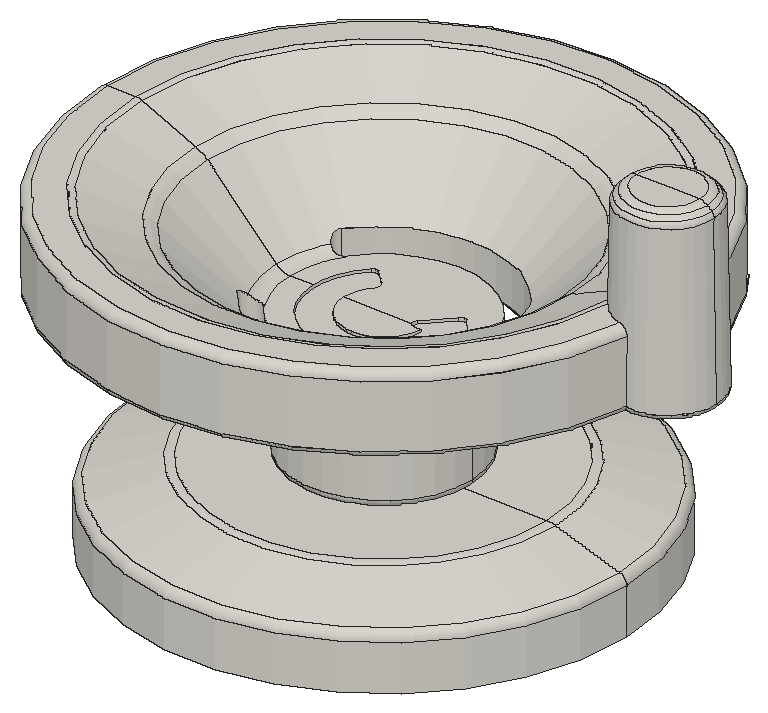
Revit family "Faucet-Deck_Mount-Handle-KALLISTA-Vice-P34892_1", category Plumbing Fixtures, host Face, Revit 2021
Family settings
  Host = Face
  Round Connector Dimension = Use Diameter
  Part Type = Normal
  OmniClass Number = 23.31.11.00
  OmniClass Title = Faucets
  Cut with Voids When Loaded = No
  Shared = No
  Room Calculation Point = No
Parameters (values of type "SN-Polished Nickel")
  Width = 2.95276"  # constant formula
  WaterSense Certified = 1 = 0  # no
  Waste Water Outlet = "Waste Water Outlet"  # constant formula
  Waste Connection = 1 = 0  # no
  Vent Connection = 1 = 0  # no
  URL = "https://www.kallista.com/"
  Type = 4
  Product Page URL = ""
  Product Name = "Vice"  # constant formula
  Product Documentation Link = ""
  Pressure = 0.00 psi
  Model = if(Type = 1, "P34892-00-AF", if(Type = 2, "P34892-00-BGP", if(Type = 3, "P34892-00-CP", if(Type = 4, "P34892-00-SN", "NA"))))  # "P34892-00-SN"
  Material = "Premium Metal Construction"  # constant formula
  Master Format 2014 Name = "Residential Faucets, Supplies, and Trim"  # constant formula
  Master Format 2014 = "22 41 39"  # constant formula
  Manufacturer Address = "444 Highland Dr, Kohler, WI 53044"  # constant formula
  Manufacturer = "Kallista Co."  # constant formula
  Length = 2.95276"  # constant formula
  Hot Water Inlet = "Hot Water Inlet"  # constant formula
  Height = 2.16535"  # constant formula
  Handle Clearance = 3.20079"  # constant formula
  HW Connection = 1 = 0  # no
  Flow Rate = 0 GPM
  Finish = Kallista-Metal-SN-Polished_Nickel
  Environmental Product Declaration = ""
  Drain Included = 1 = 0  # no
  Description = "Deck Mount Bath Faucet Diverter Handle, Wheel"  # constant formula
  Default Elevation = 36"
  Declare Label = ""
  Date Modified = "04/26/2024"  # constant formula
  Date Created = "04/26/2024"  # constant formula
  Copyright = "Copyright Kallista Co."  # constant formula
  Contact Us = "https://www.kallista.com/corporate/contact-us/"
  Cold Water Inlet = "Cold Water Inlet"  # constant formula
  CW Connection = 1 = 1  # yes
  Assembly Code = "D2010"
  ADA Compliant = 1 = 0  # no
Types (5): name | Type | Model | Finish
  (no name) | 4 | "P34892-00-SN" | Kallista-Metal-SN-Polished_Nickel
  AF-French Gold | 1 | "P34892-00-AF" | Kallista-Metal-AF-French_Gold
  BGP | 2 | "P34892-00-BGP" | Kallista-Metal-BGP
  CP-Chrome | 3 | "P34892-00-CP" | Kallista-Metal-CP-Chrome
  SN-Polished Nickel | 4 | "P34892-00-SN" | Kallista-Metal-SN-Polished_Nickel
Reference planes (in)
  plane 1 "Center (Front/Back)": y = 0
  plane 2: z = 0
  plane 3 "Center (Left/Right)": x = 0
  plane 4: x = -1.47638
  plane 5: x = 1.47638
  plane 6: x = -1.25984
  plane 7: x = 1.25984
  plane 8: y = 1.25984
  plane 9: y = -1.25984
  plane 10: z = 2.16535
  plane 11: z = 1.61417
  plane 12: z = 1.22047
  plane 13: z = 0.39405
  plane 14: y = 1.47638
  plane 15: x = 1.72441
  plane 16: y = -1.47638
Dimensions and locks (in)
  "Height": level to plane 10
  level to plane 12 = 1.22047"
  plane 11 to plane 12 = 0.3937"
  plane 10 to plane 12 = 0.94488"
  plane 4 to plane 5 = 2.95276"
  plane 6 to plane 7 = 2.51969"
  "Width": plane 4 to plane 5
  "Length": plane 16 to plane 14
  "Handle Clearance": plane 4 to plane 15
  plane 10 to level = 2.16535"
  plane 12 to plane 11 = 0.3937"
  plane 8 to plane 9 = 2.51969"
  aligned and locked: plane 2 to host face
  aligned and locked: level to host face
Automatic sketch dimensions
  host sketch curve to host sketch curve = 96"  (x2)
Nested families (in)
  nested 1: "P34892" at (0, 0, 0) x (-1, 0, 0) z (0, 0, 1), type "P34892"
Connectors (in)
  piping at (0, 0, 0), diameter 0.5, driven by "CW Connection", driven by "Cold Water Inlet"
    settings: on nested 1, index 1, connector inside diameter 24", connector length 0", flow factor 0, pipe flow 0 GPM, pressure drop 0.00 psi, fitting loss kfactor 0, connector angle 0.00°, fixture units 0, engagement length 0", angle of deflection 0.00°, flow configuration 0, flow direction 1, fitting loss method 0, system type 20, joint type 0, gender type 0, connector reference index -1, connector utility 1, adjustable connector no, is connector primary yes, connector description "Cold Water Inlet"
Definition of nested family "P34892"
  Parameters
    Material = none
    Default Elevation = 0"
  Reference planes (in)
    plane 1 "Center (Front/Back)": y = 0
    plane 2: z = 0
    plane 3 "Center (Left/Right)": x = 0
    plane 4: x = 1.47638
    plane 5: x = -1.47638
    plane 6: y = 1.47638
    plane 7: y = -1.47638
    plane 8: y = -1.25984
    plane 9: y = 1.25984
    plane 10: x = 1.25984
    plane 11: x = -1.25984
    plane 12: x = -1.72441
    plane 13: z = 1.22047
    plane 14: z = 1.61417
    plane 15: z = 2.16535
    plane 16: z = 0.39405
  Forms (in)
    Revolve 1, solid, material <- "Material", detail levels medium+fine
      sketch origin (0, 0, 0) x (1, 0, 0) y (0, 0, 1)
        loop
          line (0, 0.39405) -> (-0.84758, 0.39405)
          arc (-0.84758, 0.39405) -> (-0.86964, 0.39241) -> (-0.89121, 0.38753) r 0.14921
          line (-0.89121, 0.38753) -> (-1.22365, 0.28589)
          arc (-1.22365, 0.28589) -> (-1.24981, 0.2674) -> (-1.25984, 0.23698) r 0.05115
          line (-1.25984, 0.23698) -> (-1.25984, 0) -> (0, 0) -> (0, 0.39405)
        axis (0, 0) -> (0, 0.39405)
      angle from 0 to 360
    Revolve 2, solid, material <- "Material", detail levels medium+fine
      sketch origin (0, 0, 0) x (1, 0, 0) y (0, 0, 1)
        loop
          line (0, 0.41399) -> (0.42554, 0.41399)
          arc (0.42554, 0.41399) -> (0.44945, 0.42374) -> (0.45972, 0.44743) r 0.03419
          line (0.45972, 0.44743) -> (0.467, 0.77838)
          arc (0.467, 0.77838) -> (0.50246, 0.86985) -> (0.5883, 0.91733) r 0.14388
          arc (0.5883, 0.91733) -> (0.60774, 0.92365) -> (0.62429, 0.93567) r 0.06539
          line (0.62429, 0.93567) -> (1.0492, 1.36059)
          arc (1.0492, 1.36059) -> (1.07285, 1.37991) -> (1.09987, 1.39413) r 0.15239
          line (1.09987, 1.39413) -> (1.22823, 1.44599)
          arc (1.22823, 1.44599) -> (1.28122, 1.44091) -> (1.3075, 1.39463) r 0.05769
          line (1.3075, 1.39463) -> (1.31317, 1.24158)
          arc (1.31317, 1.24158) -> (1.31955, 1.22731) -> (1.33405, 1.22146) r 0.02089
          line (1.33405, 1.22146) -> (1.45331, 1.22146)
          arc (1.45331, 1.22146) -> (1.46962, 1.22821) -> (1.47638, 1.24453) r 0.02307
          line (1.47638, 1.24453) -> (1.47638, 1.57021)
          arc (1.47638, 1.57021) -> (1.46321, 1.60199) -> (1.43143, 1.61516) r 0.04495
          line (1.43143, 1.61516) -> (1.28428, 1.61516)
          arc (1.28428, 1.61516) -> (1.26858, 1.61358) -> (1.25351, 1.6089) r 0.07874
          line (1.25351, 1.6089) -> (0.97723, 1.49163)
          arc (0.97723, 1.49163) -> (0.94407, 1.47362) -> (0.91495, 1.44962) r 0.19685
          line (0.91495, 1.44962) -> (0.55936, 1.09403)
          arc (0.55936, 1.09403) -> (0.52639, 1.07199) -> (0.48749, 1.06426) r 0.10164
          line (0.48749, 1.06426) -> (0, 1.06426) -> (0, 0.41399)
        axis (0, 0.41399) -> (0, 1.61516)
      angle from 0 to 360
    Extrusion 3, void
      sketch origin (0, 0.01845, 0) x (1, 0, 0) y (0, 1, 0)
        loop
          arc (-0.49427, 0.3193) -> (-0.48114, 0.24144) -> (-0.40332, 0.25479) r 0.05575
          arc (-0.40332, 0.25479) -> (-0.00073, 0.46358) -> (0.40186, 0.25479) r 0.49255
          arc (0.40186, 0.25479) -> (0.47969, 0.24144) -> (0.49282, 0.3193) r 0.05575
          arc (0.49282, 0.3193) -> (-0.00073, 0.57344) -> (-0.49427, 0.3193) r 0.60631
        loop
          arc (-0.49427, -0.35621) -> (-0.00073, -0.61035) -> (0.49282, -0.35621) r 0.60631
          arc (0.49282, -0.35621) -> (0.47969, -0.27835) -> (0.40186, -0.2917) r 0.05575
          arc (0.40186, -0.2917) -> (-0.00073, -0.50048) -> (-0.40332, -0.2917) r 0.49255
          arc (-0.40332, -0.2917) -> (-0.48114, -0.27835) -> (-0.49427, -0.35621) r 0.05575
      from 0.76778 to 1.23979
    Extrusion 4, void
      sketch origin (0, 0, 0) x (1, 0, 0) y (0, 1, 0)
        loop
          line (-0.41604, -0.03209) -> (-0.30937, -0.1548)
          arc (-0.30937, -0.1548) -> (-0.28524, -0.1658) -> (-0.26111, -0.1548) r 0.03197
          line (-0.26111, -0.1548) -> (-0.151, -0.02814)
          arc (-0.151, -0.02814) -> (-0.14681, 0.00077) -> (-0.17138, 0.01657) r 0.027
          line (-0.17138, 0.01657) -> (-0.20402, 0.01657)
          arc (-0.20402, 0.01657) -> (0.08143, 0.1878) -> (0.15154, -0.1376) r 0.20469
          arc (0.15154, -0.1376) -> (0.14425, -0.15719) -> (0.15248, -0.17642) r 0.02814
          line (0.15248, -0.17642) -> (0.22558, -0.24952)
          arc (0.22558, -0.24952) -> (0.24501, -0.25739) -> (0.26419, -0.24894) r 0.0269
          arc (0.26419, -0.24894) -> (0.14159, 0.33425) -> (-0.36262, 0.01657) r 0.363
          line (-0.36262, 0.01657) -> (-0.39386, 0.01657)
          arc (-0.39386, 0.01657) -> (-0.4206, -0.00063) -> (-0.41604, -0.03209) r 0.02938
      from 1.05063 to 1.08818
    Revolve 5, solid, material <- "Material", detail levels medium+fine
      sketch origin (0, 0, -0.07382) x (1, 0, 0) y (0, 0, 1)
        loop
          line (-1.47638, 1.29528) -> (-1.47638, 2.24016) -> (-1.64087, 2.24016)
          arc (-1.64087, 2.24016) -> (-1.66159, 2.23604) -> (-1.67915, 2.2243) r 0.05414
          line (-1.67915, 2.2243) -> (-1.70115, 2.2023)
          arc (-1.70115, 2.2023) -> (-1.70979, 2.18949) -> (-1.713, 2.17438) r 0.0405
          line (-1.713, 2.17438) -> (-1.72794, 1.31875)
          arc (-1.72794, 1.31875) -> (-1.72132, 1.30218) -> (-1.70487, 1.29528) r 0.02307
          line (-1.70487, 1.29528) -> (-1.47638, 1.29528)
        axis (-1.47638, 1.29528) -> (-1.47638, 2.24016)
      angle from 0 to 360
    Revolve 6, solid, material <- "Material", detail levels coarse
      sketch origin (0, 0, 0) x (1, 0, 0) y (0, 0, 1)
        loop
          line (-1.47638, 1.22157) -> (-1.47638, 2.16747) -> (-1.72441, 2.16747) -> (-1.72441, 1.22157) -> (-1.47638, 1.22157)
        axis (-1.47638, 1.22157) -> (-1.47638, 2.16747)
      angle from 0 to 360
    Extrusion 7, solid, material <- "Material", detail levels medium+fine
      sketch origin (0, 0, 0) x (1, 0, 0) y (0, 1, 0)
        loop
          circle (0, 0) r 0.11811
      from 0 to 0.06819
    Revolve 8, solid
      sketch origin (0, 0, 0) x (1, 0, 0) y (0, 0, 1)
        loop
          line (0.00608, 0.41954) -> (-0.27097, 0.41954) -> (-0.27097, 0.38759) -> (0.00608, 0.38759) -> (0.00608, 0.41954)
        axis (0.00608, 0.38759) -> (0.00608, 0.42696)
      angle from 0 to 360
    Revolve 9, solid, material <- "Material", detail levels coarse
      sketch origin (0, 0, 0) x (1, 0, 0) y (0, 0, 1)
        loop
          line (0, 0.41399) -> (0.45899, 0.41399) -> (0.467, 0.77838)
          arc (0.467, 0.77838) -> (0.50246, 0.86985) -> (0.5883, 0.91733) r 0.14388
          arc (0.5883, 0.91733) -> (0.60774, 0.92365) -> (0.62429, 0.93567) r 0.06539
          line (0.62429, 0.93567) -> (1.0492, 1.36059)
          arc (1.0492, 1.36059) -> (1.07285, 1.37991) -> (1.09987, 1.39413) r 0.15239
          line (1.09987, 1.39413) -> (1.22823, 1.44599)
          arc (1.22823, 1.44599) -> (1.28122, 1.44091) -> (1.3075, 1.39463) r 0.05769
          line (1.3075, 1.39463) -> (1.31391, 1.22146) -> (1.47638, 1.22146) -> (1.47638, 1.61516) -> (1.33629, 1.61516) -> (0.94201, 1.47667) -> (0.52959, 1.06426) -> (0, 1.06426) -> (0, 0.41399)
        axis (0, 0.41399) -> (0, 1.61516)
      angle from 0 to 360
    Revolve 10, solid, material <- "Material", detail levels coarse
      sketch origin (0, 0, 0) x (1, 0, 0) y (0, 0, 1)
        loop
          line (0, 0.39405) -> (-0.86988, 0.39405) -> (-1.25984, 0.27482) -> (-1.25984, 0) -> (0, 0) -> (0, 0.39405)
        axis (0, 0) -> (0, 0.39405)
      angle from 0 to 360
  Cuts and joins
    Extrusion 3, Extrusion 4 cuts Revolve 2
    joined: Revolve 2, Revolve 5
    Extrusion 3 cuts Revolve 9
  Lines and regions (in)
    Masking region 1
      outline origin (0, 0, 0) x (1, 0, 0) y (0, 1, 0)
        loop
          arc (-0.01575, 1.47638) -> (-0.94557, 1.14119) -> (-1.44767, 0.28982) r 1.45729
          arc (-1.44767, 0.28982) -> (-1.45797, 0.26759) -> (-1.47757, 0.25291) r 0.05009
          arc (-1.47757, 0.25291) -> (-1.55683, 0.23422) -> (-1.62912, 0.19675) r 0.33095
          arc (-1.62912, 0.19675) -> (-1.69913, 0.11802) -> (-1.72441, 0.01575) r 0.21954
          line (-1.72441, 0.01575) -> (-1.72441, -0.01575)
          arc (-1.72441, -0.01575) -> (-1.69913, -0.11802) -> (-1.62912, -0.19675) r 0.21954
          arc (-1.62912, -0.19675) -> (-1.55683, -0.23422) -> (-1.47757, -0.25291) r 0.33095
          arc (-1.47757, -0.25291) -> (-1.45797, -0.26759) -> (-1.44767, -0.28982) r 0.05009
          arc (-1.44767, -0.28982) -> (-0.94557, -1.14119) -> (-0.01575, -1.47638) r 1.45729
          line (-0.01575, -1.47638) -> (0.01575, -1.47638)
          arc (0.01575, -1.47638) -> (1.04857, -1.04857) -> (1.47638, -0.01575) r 1.46063
          line (1.47638, -0.01575) -> (1.47638, 0.01575)
          arc (1.47638, 0.01575) -> (1.04857, 1.04857) -> (0.01575, 1.47638) r 1.46063
          line (0.01575, 1.47638) -> (-0.01575, 1.47638)
    Masking region 2
      outline origin (0, 0, 0) x (1, 0, 0) y (0, 0, 1)
        loop
          arc (-1.72441, 1.24409) -> (-1.71749, 1.22739) -> (-1.70079, 1.22047) r 0.02362
          line (-1.70079, 1.22047) -> (-0.90049, 1.22047) -> (-0.62434, 0.94432)
          arc (-0.62434, 0.94432) -> (-0.59076, 0.9242) -> (-0.55396, 0.9109) r 0.20331
          arc (-0.55396, 0.9109) -> (-0.52201, 0.89738) -> (-0.49547, 0.87504) r 0.11627
          arc (-0.49547, 0.87504) -> (-0.47435, 0.84024) -> (-0.46653, 0.80028) r 0.11627
          line (-0.46653, 0.80028) -> (-0.46035, 0.44603)
          arc (-0.46035, 0.44603) -> (-0.45061, 0.42335) -> (-0.42776, 0.414) r 0.0326
          line (-0.42776, 0.414) -> (-0.30435, 0.414) -> (-0.26979, 0.39405) -> (-0.83295, 0.39405)
          arc (-0.83295, 0.39405) -> (-0.86837, 0.39141) -> (-0.90301, 0.38358) r 0.23962
          line (-0.90301, 0.38358) -> (-1.2237, 0.28553)
          arc (-1.2237, 0.28553) -> (-1.24982, 0.26707) -> (-1.25984, 0.23669) r 0.05107
          line (-1.25984, 0.23669) -> (-1.25984, 0) -> (1.25984, 0) -> (1.25984, 0.23669)
          arc (1.25984, 0.23669) -> (1.24982, 0.26707) -> (1.2237, 0.28553) r 0.05107
          line (1.2237, 0.28553) -> (0.90301, 0.38358)
          arc (0.90301, 0.38358) -> (0.86837, 0.39141) -> (0.83295, 0.39405) r 0.23962
          line (0.83295, 0.39405) -> (0.26979, 0.39405) -> (0.30435, 0.414) -> (0.42775, 0.414)
          arc (0.42775, 0.414) -> (0.45061, 0.42335) -> (0.46036, 0.44604) r 0.03261
          line (0.46036, 0.44604) -> (0.46653, 0.80028)
          arc (0.46653, 0.80028) -> (0.47435, 0.84024) -> (0.49547, 0.87504) r 0.11627
          arc (0.49547, 0.87504) -> (0.52201, 0.89738) -> (0.55396, 0.9109) r 0.11627
          arc (0.55396, 0.9109) -> (0.59076, 0.9242) -> (0.62434, 0.94432) r 0.20331
          line (0.62434, 0.94432) -> (0.90049, 1.22047) -> (1.44954, 1.22047)
          arc (1.44954, 1.22047) -> (1.46852, 1.22833) -> (1.47638, 1.24732) r 0.02684
          line (1.47638, 1.24732) -> (1.47638, 1.34389) -> (1.47074, 1.57675)
          arc (1.47074, 1.57675) -> (1.45918, 1.60327) -> (1.43239, 1.61417) r 0.03836
          line (1.43239, 1.61417) -> (-1.23003, 1.61417) -> (-1.24164, 2.09944)
          arc (-1.24164, 2.09944) -> (-1.24523, 2.11592) -> (-1.25468, 2.12988) r 0.04456
          line (-1.25468, 2.12988) -> (-1.27862, 2.15382)
          arc (-1.27862, 2.15382) -> (-1.29139, 2.16236) -> (-1.30645, 2.16535) r 0.03937
          line (-1.30645, 2.16535) -> (-1.6463, 2.16535)
          arc (-1.6463, 2.16535) -> (-1.66137, 2.16236) -> (-1.67414, 2.15382) r 0.03937
          line (-1.67414, 2.15382) -> (-1.69808, 2.12988)
          arc (-1.69808, 2.12988) -> (-1.70753, 2.11592) -> (-1.71112, 2.09944) r 0.04456
          line (-1.71112, 2.09944) -> (-1.72441, 1.54377) -> (-1.72441, 1.24409)
    Masking region 3
      outline origin (0, 0, 0) x (0, 1, 0) y (0, 0, 1)
        loop
          line (1.25984, 0) -> (1.25984, 0.24719)
          arc (1.25984, 0.24719) -> (1.25253, 0.26937) -> (1.23345, 0.28285) r 0.03729
          line (1.23345, 0.28285) -> (0.89303, 0.38693)
          arc (0.89303, 0.38693) -> (0.86948, 0.39226) -> (0.84539, 0.39405) r 0.16296
          line (0.84539, 0.39405) -> (0.35473, 0.39405) -> (0.38699, 0.41267) -> (0.4253, 0.41267)
          arc (0.4253, 0.41267) -> (0.45, 0.4224) -> (0.46058, 0.44674) r 0.03468
          line (0.46058, 0.44674) -> (0.46658, 0.79049)
          arc (0.46658, 0.79049) -> (0.47084, 0.81992) -> (0.4823, 0.84736) r 0.11822
          arc (0.4823, 0.84736) -> (0.48829, 0.86187) -> (0.49033, 0.87744) r 0.06034
          line (0.49033, 0.87744) -> (0.49033, 0.93937) -> (0.61184, 0.93937)
          arc (0.61184, 0.93937) -> (0.62715, 0.94244) -> (0.64009, 0.95118) r 0.03971
          line (0.64009, 0.95118) -> (0.9061, 1.22047) -> (1.45669, 1.22047)
          arc (1.45669, 1.22047) -> (1.47061, 1.22624) -> (1.47638, 1.24016) r 0.01969
          line (1.47638, 1.24016) -> (1.47638, 1.30735) -> (1.46937, 1.57583)
          arc (1.46937, 1.57583) -> (1.45748, 1.603) -> (1.43001, 1.61417) r 0.03937
          line (1.43001, 1.61417) -> (0.27441, 1.61417)
          arc (0.27441, 1.61417) -> (0.2526, 1.62309) -> (0.2433, 1.64474) r 0.03111
          line (0.2433, 1.64474) -> (0.23536, 2.09946)
          arc (0.23536, 2.09946) -> (0.23212, 2.11472) -> (0.2234, 2.12765) r 0.04087
          line (0.2234, 2.12765) -> (0.1978, 2.15325)
          arc (0.1978, 2.15325) -> (0.18439, 2.16221) -> (0.16857, 2.16535) r 0.04133
          line (0.16857, 2.16535) -> (-0.16857, 2.16535)
          arc (-0.16857, 2.16535) -> (-0.18439, 2.16221) -> (-0.1978, 2.15325) r 0.04133
          line (-0.1978, 2.15325) -> (-0.2234, 2.12765)
          arc (-0.2234, 2.12765) -> (-0.23212, 2.11472) -> (-0.23536, 2.09946) r 0.04087
          line (-0.23536, 2.09946) -> (-0.2433, 1.64474)
          arc (-0.2433, 1.64474) -> (-0.2526, 1.62309) -> (-0.27441, 1.61417) r 0.03111
          line (-0.27441, 1.61417) -> (-1.43001, 1.61417)
          arc (-1.43001, 1.61417) -> (-1.45748, 1.603) -> (-1.46937, 1.57583) r 0.03937
          line (-1.46937, 1.57583) -> (-1.47638, 1.30735) -> (-1.47638, 1.24016)
          arc (-1.47638, 1.24016) -> (-1.47061, 1.22624) -> (-1.45669, 1.22047) r 0.01969
          line (-1.45669, 1.22047) -> (-0.9061, 1.22047) -> (-0.64009, 0.95118)
          arc (-0.64009, 0.95118) -> (-0.62715, 0.94244) -> (-0.61184, 0.93937) r 0.03971
          line (-0.61184, 0.93937) -> (-0.48946, 0.93937) -> (-0.48946, 0.87745)
          arc (-0.48946, 0.87745) -> (-0.48741, 0.86189) -> (-0.48143, 0.84737) r 0.06034
          arc (-0.48143, 0.84737) -> (-0.46996, 0.81994) -> (-0.46571, 0.79051) r 0.11822
          line (-0.46571, 0.79051) -> (-0.46058, 0.44674)
          arc (-0.46058, 0.44674) -> (-0.45, 0.4224) -> (-0.4253, 0.41267) r 0.03468
          line (-0.4253, 0.41267) -> (-0.38699, 0.41267) -> (-0.35473, 0.39405) -> (-0.84539, 0.39405)
          arc (-0.84539, 0.39405) -> (-0.86948, 0.39226) -> (-0.89303, 0.38693) r 0.16296
          line (-0.89303, 0.38693) -> (-1.23345, 0.28285)
          arc (-1.23345, 0.28285) -> (-1.25253, 0.26937) -> (-1.25984, 0.24719) r 0.03729
          line (-1.25984, 0.24719) -> (-1.25984, 0) -> (1.25984, 0)
    symbolic lines, detail levels medium+fine
      curve 1: circle (-1.47638, 0, 0) r 0.17374 normal (0, 0, 1)
      curve 2: circle (-1.47638, 0, 0) r 0.18766 normal (0, 0, 1)
      curve 3: circle (-1.47638, 0, 0) r 0.22583 normal (0, 0, 1)
      curve 4: circle (-1.47638, 0, 0) r 0.23319 normal (0, 0, 1)
      curve 5: arc (-1.2343, -0.13127, 0) -> (-1.20099, 0, 0) -> (-1.2343, 0.13127, 0) r 0.27538
      curve 6: arc (-1.2343, 0.13127, 0) -> (-1.23956, 0.14079, 0) -> (-1.24498, 0.15022, 0) r 0.65678
      curve 7: arc (-1.30865, 0.2405, 0) -> (-1.35069, 0.27483, 0) -> (-1.40238, 0.29137, 0) r 0.14553
      curve 8: arc (-1.2343, -0.13127, 0) -> (-1.23956, -0.14079, 0) -> (-1.24498, -0.15022, 0) r 0.65678
      curve 9: arc (-1.30865, -0.2405, 0) -> (-1.35069, -0.27483, 0) -> (-1.40238, -0.29137, 0) r 0.14553
      curve 10: circle (0, 0, 0) r 0.91336 normal (0, 0, 1)
      curve 11: circle (0, 0, 0) r 0.98425 normal (0, 0, 1)
      curve 12: arc (-1.28666, -0.21284, 0) -> (1.30415, 0, 0) -> (-1.28666, 0.21284, 0) r 1.30415
      curve 13: arc (-1.24498, -0.15022, 0) -> (1.25401, 0, 0) -> (-1.24498, 0.15022, 0) r 1.25401
      curve 14: arc (-1.40238, -0.29137, 0) -> (1.43233, 0, 0) -> (-1.40238, 0.29137, 0) r 1.43233
      curve 15: arc (-0.38995, 0.2648, 0) -> (-0.00117, 0.46883, 0) -> (0.38746, 0.26451, 0) r 0.47209
      curve 16: arc (-0.40178, 0.28023, 0) -> (-0.00154, 0.48833, 0) -> (0.39887, 0.28055, 0) r 0.48933
      curve 17: arc (-0.49104, 0.34257, 0) -> (-0.00118, 0.59925, 0) -> (0.48947, 0.34408, 0) r 0.59753
      curve 18: arc (-0.50157, 0.3408, 0) -> (-0.00098, 0.60753, 0) -> (0.49962, 0.34082, 0) r 0.60313
      curve 19: arc (-0.40178, 0.28023, 0) -> (-0.4775, 0.26689, 0) -> (-0.49104, 0.34257, 0) r 0.05444
      curve 20: arc (-0.38995, 0.2648, 0) -> (-0.40677, 0.24785, 0) -> (-0.42844, 0.23782, 0) r 0.06752
      curve 21: arc (0.39887, 0.28055, 0) -> (0.47589, 0.26708, 0) -> (0.48947, 0.34408, 0) r 0.05532
      curve 22: arc (0.49962, 0.34082, 0) -> (0.51115, 0.30334, 0) -> (0.50001, 0.26574, 0) r 0.06783
      curve 23: arc (-0.38995, -0.2648, 0) -> (-0.00117, -0.46883, 0) -> (0.38746, -0.26451, 0) r 0.47209
      curve 24: arc (-0.40178, -0.28023, 0) -> (-0.00154, -0.48833, 0) -> (0.39887, -0.28055, 0) r 0.48933
      curve 25: arc (-0.49104, -0.34257, 0) -> (-0.00118, -0.59925, 0) -> (0.48947, -0.34408, 0) r 0.59753
      curve 26: arc (-0.50157, -0.3408, 0) -> (-0.00098, -0.60753, 0) -> (0.49962, -0.34082, 0) r 0.60313
      curve 27: arc (-0.40178, -0.28023, 0) -> (-0.4775, -0.26689, 0) -> (-0.49104, -0.34257, 0) r 0.05444
      curve 28: arc (-0.38995, -0.2648, 0) -> (-0.40677, -0.24785, 0) -> (-0.42844, -0.23782, 0) r 0.06752
      curve 29: arc (0.39887, -0.28055, 0) -> (0.47589, -0.26708, 0) -> (0.48947, -0.34408, 0) r 0.05532
      curve 30: arc (0.49962, -0.34082, 0) -> (0.51115, -0.30334, 0) -> (0.50001, -0.26574, 0) r 0.06783
      curve 31: arc (-0.50078, 0.26433, 0) -> (-0.56855, 0, 0) -> (-0.50078, -0.26433, 0) r 0.54945
      curve 32: arc (-0.42844, 0.23782, 0) -> (-0.49068, 0, 0) -> (-0.42844, -0.23782, 0) r 0.48548
      curve 33: arc (-0.50078, 0.26433, 0) -> (-0.51304, 0.30244, 0) -> (-0.50157, 0.3408, 0) r 0.06752
      curve 34: arc (-0.42844, 0.23782, 0) -> (-0.46877, 0.23974, 0) -> (-0.50078, 0.26433, 0) r 0.06752
      curve 35: arc (-0.42844, -0.23782, 0) -> (-0.46877, -0.23974, 0) -> (-0.50078, -0.26433, 0) r 0.06752
      curve 36: arc (-0.50078, -0.26433, 0) -> (-0.51304, -0.30244, 0) -> (-0.50157, -0.3408, 0) r 0.06752
      curve 37: arc (0.50001, 0.26574, 0) -> (0.56855, 0, 0) -> (0.50001, -0.26574, 0) r 0.54945
      curve 38: arc (0.42909, 0.23667, 0) -> (0.49068, 0, 0) -> (0.42909, -0.23667, 0) r 0.48548
      curve 39: arc (0.42909, 0.23667, 0) -> (0.40561, 0.24661, 0) -> (0.38746, 0.26451, 0) r 0.06783
      curve 40: arc (0.50001, 0.26574, 0) -> (0.46905, 0.24022, 0) -> (0.42909, 0.23667, 0) r 0.06783
      curve 41: arc (0.42909, -0.23667, 0) -> (0.40561, -0.24661, 0) -> (0.38746, -0.26451, 0) r 0.06783
      curve 42: arc (0.50001, -0.26574, 0) -> (0.46905, -0.24022, 0) -> (0.42909, -0.23667, 0) r 0.06783
      curve 43: line (-0.3668, 0.01742, 0) -> (-0.39865, 0.01742, 0)
      curve 44: line (-0.20102, 0.01742, 0) -> (-0.16948, 0.01742, 0)
      curve 45: line (-0.26035, -0.15472, 0) -> (-0.14954, -0.02607, 0)
      curve 46: line (-0.30934, -0.15467, 0) -> (-0.419, -0.02687, 0)
      curve 47: arc (0.15082, -0.13141, 0) -> (0.07818, 0.18719, 0) -> (-0.20102, 0.01742, 0) r 0.20137
      curve 48: arc (0.2766, -0.24153, 0) -> (0.1371, 0.34066, 0) -> (-0.3668, 0.01742, 0) r 0.36721
      curve 49: arc (-0.26035, -0.15472, 0) -> (-0.28485, -0.16594, 0) -> (-0.30934, -0.15467, 0) r 0.0323
      curve 50: arc (-0.16948, 0.01742, 0) -> (-0.14556, 0.00207, 0) -> (-0.14954, -0.02607, 0) r 0.02632
      curve 51: arc (-0.39865, 0.01742, 0) -> (-0.42302, 0.0018, 0) -> (-0.419, -0.02687, 0) r 0.02682
      curve 52: line (0.15176, -0.16124, 0) -> (0.2335, -0.24298, 0)
      curve 53: arc (0.15176, -0.16124, 0) -> (0.14538, -0.14651, 0) -> (0.15082, -0.13141, 0) r 0.02181
      curve 54: arc (0.2335, -0.24298, 0) -> (0.25537, -0.25161, 0) -> (0.2766, -0.24153, 0) r 0.02951
      curve 55: line (-0.49865, 0, 0.94755) -> (0, 0, 0.94755)
      curve 56: line (0, 0, 0.95425) -> (-0.51871, 0, 0.95425)
      curve 57: arc (-0.51871, 0, 0.95425) -> (-0.52499, 0, 0.95286) -> (-0.53033, 0, 0.94926) r 0.01717
      curve 58: arc (-0.52742, 0, 0.92259) -> (-0.51212, 0, 0.9155) -> (-0.4955, 0, 0.91263) r 0.06437
      curve 59: arc (-0.4955, 0, 0.91263) -> (-0.47787, 0, 0.90869) -> (-0.46276, 0, 0.8988) r 0.05046
      curve 60: arc (-0.46276, 0, 0.8988) -> (-0.42154, 0, 0.87257) -> (-0.37349, 0, 0.86376) r 0.12749
      curve 61: line (-0.37349, 0, 0.86376) -> (0, 0, 0.86376)
      curve 62: line (0, 0, 0.87651) -> (-0.38721, 0, 0.87651)
      curve 63: line (-0.45126, 0, 0.91503) -> (-0.41925, 0, 0.88816)
      curve 64: arc (-0.41925, 0, 0.88816) -> (-0.40426, 0, 0.87951) -> (-0.38721, 0, 0.87651) r 0.04983
      curve 65: arc (-0.49865, 0, 0.9289) -> (-0.4735, 0, 0.92693) -> (-0.45126, 0, 0.91503) r 0.06146
      curve 66: arc (-0.49865, 0, 0.94755) -> (-0.50925, 0, 0.93823) -> (-0.49865, 0, 0.9289) r 0.0094
      curve 67: line (0.49865, 0, 0.94755) -> (0, 0, 0.94755)
      curve 68: line (0, 0, 0.87651) -> (0.38721, 0, 0.87651)
      curve 69: line (0.45126, 0, 0.91503) -> (0.41925, 0, 0.88816)
      curve 70: arc (0.41925, 0, 0.88816) -> (0.40426, 0, 0.87951) -> (0.38721, 0, 0.87651) r 0.04983
      curve 71: arc (0.49865, 0, 0.9289) -> (0.4735, 0, 0.92693) -> (0.45126, 0, 0.91503) r 0.06146
      curve 72: arc (0.49865, 0, 0.94755) -> (0.50925, 0, 0.93823) -> (0.49865, 0, 0.9289) r 0.0094
      curve 73: line (0, 0, 0.95425) -> (0.51871, 0, 0.95425)
      curve 74: arc (0.51871, 0, 0.95425) -> (0.52499, 0, 0.95286) -> (0.53033, 0, 0.94926) r 0.01717
      curve 75: arc (0.52742, 0, 0.92259) -> (0.51212, 0, 0.9155) -> (0.4955, 0, 0.91263) r 0.06437
      curve 76: arc (0.4955, 0, 0.91263) -> (0.47787, 0, 0.90869) -> (0.46276, 0, 0.8988) r 0.05046
      curve 77: arc (0.46276, 0, 0.8988) -> (0.42154, 0, 0.87257) -> (0.37349, 0, 0.86376) r 0.12749
      curve 78: line (0.37349, 0, 0.86376) -> (0, 0, 0.86376)
      curve 79: line (-0.46508, 0, 0.80031) -> (0.46508, 0, 0.80031)
      curve 80: line (0.62434, 0, 0.94432) -> (0.53033, 0, 0.94926)
      curve 81: line (0.55396, 0, 0.9109) -> (0.4955, 0, 0.91263)
      curve 82: line (-0.62434, 0, 0.94432) -> (-0.53033, 0, 0.94926)
      curve 83: line (-0.55396, 0, 0.9109) -> (-0.4955, 0, 0.91263)
      curve 84: line (-1.23003, 0, 1.61417) -> (-1.40853, 0, 1.61417)
      curve 85: line (-1.44069, 0, 1.57675) -> (-1.45143, 0, 1.24437)
      curve 86: arc (-1.45143, 0, 1.24437) -> (-1.44443, 0, 1.22747) -> (-1.42753, 0, 1.22047) r 0.0239
      curve 87: line (-1.48494, 0, 1.24434) -> (-1.48494, 0, 1.58923)
      curve 88: line (-1.41012, 0, 1.66405) -> (-1.31741, 0, 1.66405)
      curve 89: line (-1.31741, 0, 1.66405) -> (-1.23047, 0, 1.63241)
      curve 90: arc (-1.48494, 0, 1.58923) -> (-1.46303, 0, 1.64214) -> (-1.41012, 0, 1.66405) r 0.07482
      curve 91: arc (-0.53033, 0, 0.94926) -> (-0.53529, 0, 0.93522) -> (-0.52742, 0, 0.92259) r 0.01717
      curve 92: arc (0.53033, 0, 0.94926) -> (0.53529, 0, 0.93522) -> (0.52742, 0, 0.92259) r 0.01717
      curve 93: line (0, 0.2763, 1.61417) -> (0, 0.28624, 1.22047)
      curve 94: line (0, -0.27441, 1.61417) -> (0, -0.28668, 1.22047)
      curve 95: arc (0, 0.25569, 1.24478) -> (0, 0.24378, 1.2286) -> (0, 0.2254, 1.22047) r 0.03906
      curve 96: arc (0, -0.25569, 1.24478) -> (0, -0.24378, 1.2286) -> (0, -0.2254, 1.22047) r 0.03906
      curve 97: line (0, 0.49033, 0.93937) -> (0, 0.37364, 0.93937)
      curve 98: arc (0, 0.37364, 0.93937) -> (0, 0.34433, 0.93604) -> (0, 0.31651, 0.92623) r 0.13068
      curve 99: arc (0, 0.31651, 0.92623) -> (0, 0.28775, 0.91366) -> (0, 0.25807, 0.90345) r 0.38835
      curve 100: line (0, 0.4823, 0.84736) -> (0, 0.27256, 0.85454)
      curve 101: arc (0, 0.27256, 0.85454) -> (0, 0.24709, 0.8734) -> (0, 0.25772, 0.90327) r 0.02662
      curve 102: line (0, 0.49033, 0.87744) -> (0, 0.2819, 0.86697)
      curve 103: arc (0, 0.2819, 0.86697) -> (0, 0.26011, 0.87872) -> (0, 0.25794, 0.90338) r 0.02609
      curve 104: line (0, 0.64009, 0.95118) -> (0, 0.38814, 0.95118)
      curve 105: arc (0, 0.38814, 0.95118) -> (0, 0.34793, 0.94618) -> (0, 0.31016, 0.93151) r 0.16444
      curve 106: line (0, 0.31016, 0.93151) -> (0, 0.25772, 0.90327)
      curve 107: line (0, -0.48946, 0.93937) -> (0, -0.37364, 0.93937)
      curve 108: arc (0, -0.37364, 0.93937) -> (0, -0.34433, 0.93604) -> (0, -0.31651, 0.92623) r 0.13068
      curve 109: arc (0, -0.31651, 0.92623) -> (0, -0.28775, 0.91366) -> (0, -0.25807, 0.90345) r 0.38835
      curve 110: line (0, -0.48143, 0.84737) -> (0, -0.27256, 0.85454)
      curve 111: arc (0, -0.27256, 0.85454) -> (0, -0.24709, 0.8734) -> (0, -0.25772, 0.90327) r 0.02662
      curve 112: line (0, -0.48946, 0.87745) -> (0, -0.2819, 0.86697)
      curve 113: arc (0, -0.2819, 0.86697) -> (0, -0.26011, 0.87872) -> (0, -0.25794, 0.90338) r 0.02609
      curve 114: line (0, -0.64009, 0.95118) -> (0, -0.38814, 0.95118)
      curve 115: arc (0, -0.38814, 0.95118) -> (0, -0.34793, 0.94618) -> (0, -0.31016, 0.93151) r 0.16444
      curve 116: line (0, -0.31016, 0.93151) -> (0, -0.25772, 0.90327)
      curve 117: line (0, 0.46658, 0.79049) -> (0, -0.46571, 0.79051)
      curve 118: line (0, 0.25772, 0.90327) -> (0, -0.25772, 0.90327)
      curve 119: line (0, -0.31016, 0.93151) -> (0, 0.31016, 0.93151)
      curve 120: line (0, 0.2234, 2.12765) -> (0, -0.2234, 2.12765)
      curve 121: line (0, -0.23536, 2.09946) -> (0, 0.23536, 2.09946)
      curve 122: line (0, 0.1978, 2.15325) -> (0, -0.1978, 2.15325)
      curve 123: line (0, 0.2433, 1.64474) -> (0, 0.25569, 1.24478)
      curve 124: line (0, -0.2433, 1.64474) -> (0, -0.25569, 1.24478)
      curve 125: line (0, 0.9061, 1.22047) -> (0, 0.2254, 1.22047)
      curve 126: line (0, 0.2254, 1.22047) -> (0, -0.2254, 1.22047)
      curve 127: line (0, -0.2254, 1.22047) -> (0, -0.9061, 1.22047)
      curve 128: arc (-1.40238, -0.29137, 0) -> (-1.42509, -0.29237, 0) -> (-1.44767, -0.28982, 0) r 0.14553
      curve 129: arc (-1.40238, 0.29137, 0) -> (-1.42509, 0.29237, 0) -> (-1.44767, 0.28982, 0) r 0.14553
      curve 130: arc (-1.28666, 0.21284, 0) -> (-1.29747, 0.22682, 0) -> (-1.30865, 0.2405, 0) r 0.65678
      curve 131: arc (-1.24493, 0.15013, 0) -> (-1.2649, 0.18208, 0) -> (-1.28666, 0.21284, 0) r 0.65678
      curve 132: arc (-1.28666, -0.21284, 0) -> (-1.29747, -0.22682, 0) -> (-1.30865, -0.2405, 0) r 0.65678
      curve 133: arc (-1.24498, -0.15022, 0) -> (-1.26493, -0.18213, 0) -> (-1.28666, -0.21284, 0) r 0.65678
      curve 134: line (-1.72441, 0, 1.24409) -> (1.47638, 0, 1.24732)
      curve 135: line (1.47074, 0, 1.57675) -> (-1.44069, 0, 1.57675)
      curve 136: arc (-1.40853, 0, 1.61417) -> (-1.4332, 0, 1.60284) -> (-1.44069, 0, 1.57675) r 0.03253
      curve 137: line (-1.71112, 0, 2.09944) -> (-1.24164, 0, 2.09944)
      curve 138: line (-1.25468, 0, 2.12988) -> (-1.69808, 0, 2.12988)
      curve 139: line (-1.67414, 0, 2.15382) -> (-1.27862, 0, 2.15382)
      curve 140: line (-0.26979, 0, 0.39405) -> (0.26979, 0, 0.39405)
      curve 141: line (0.30435, 0, 0.414) -> (-0.30435, 0, 0.414)
      curve 142: line (-0.90301, 0, 0.38358) -> (0.90301, 0, 0.38358)
      curve 143: line (1.2237, 0, 0.28553) -> (-1.2237, 0, 0.28553)
      curve 144: line (-1.25984, 0, 0.23669) -> (1.25984, 0, 0.23669)
      curve 145: line (-0.46035, 0, 0.44603) -> (0.46036, 0, 0.44604)
      curve 146: line (0, 1.46937, 1.57583) -> (0, 0.24543, 1.57583)
      curve 147: line (0, -1.46937, 1.57583) -> (0, -0.24543, 1.57583)
      curve 148: line (0, -1.47638, 1.24016) -> (0, 1.47638, 1.24016)
      curve 149: line (0, 0.38699, 0.41267) -> (0, -0.38699, 0.41267)
      curve 150: line (0, -0.46058, 0.44674) -> (0, 0.46058, 0.44674)
      curve 151: line (0, 0.35473, 0.39405) -> (0, -0.35473, 0.39405)
      curve 152: line (0, 0.89303, 0.38693) -> (0, -0.89303, 0.38693)
      curve 153: line (0, -1.23345, 0.28285) -> (0, 1.23345, 0.28285)
      curve 154: line (0, 1.25984, 0.24719) -> (0, -1.25984, 0.24719)
      curve 155: line (-0.90049, 0, 1.22047) -> (0.90049, 0, 1.22047)
  Dimensions and locks (in)
    plane 10 to plane 11 = 2.51969"
    plane 12 to plane 3 "Center (Left/Right)" = 1.72441"
    aligned and locked: plane 2 to level
